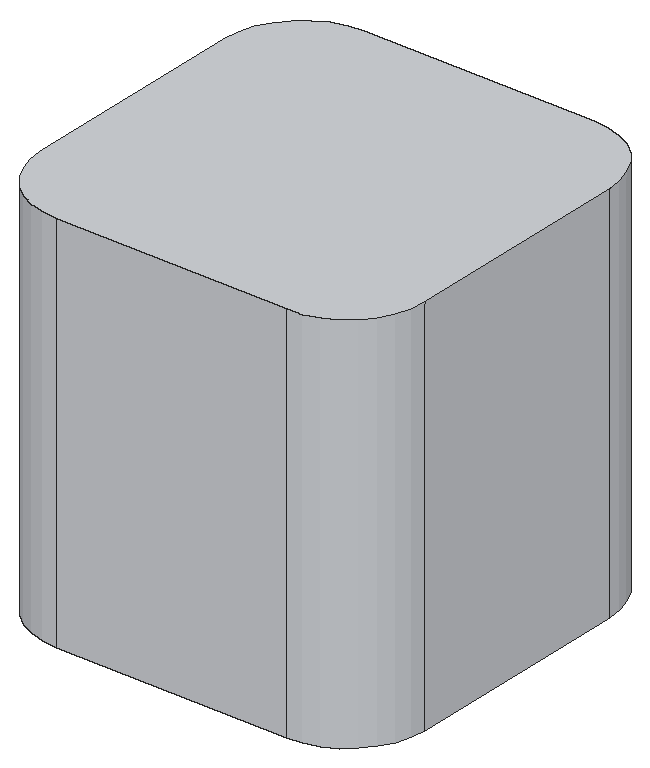
Revit family "Ёршик для унитаза", category Оборудование, Revit 2017
Family settings
  Размер круглого соединителя = Использовать диаметр
  Тип детали = Нормальный
  На основе рабочей плоскости = Нет
  Всегда вертикально = Да
  При загрузке вырезать с полостями = Нет
  Общий = Нет
  Точка расчета площади = Нет
Parameters (values of type "Тип")
  Общ_Тип, марка = ""
  Общ_Примечание КР [instance] = ""
  Общ_Примечание АР [instance] = ""
  Общ_Примечание = ""
  Общ_Поставщик = ""
  Общ_Позиция = "50"
  Общ_Наименование = "Ёршик для унитаза"
  Общ_Масса = ""
  Общ_Код продукции = ""
  Общ_Единицы измерения = "шт."
  Keynote = ""
  Model = ""
Reference planes
  plane 1 "По центру (Вперед/Назад)": y = 0
  plane 2: z = 0
  plane 3 "По центру (Влево/Вправо)": x = 0
Forms (mm)
  Extrusion 1, solid, detail levels fine
    sketch origin (0, 0, 0) x (1, 0, 0) y (0, 1, 0)
      loop
        line (-45, -75) -> (45, -75)
        arc (45, -75) -> (66.213, -66.213) -> (75, -45) r 30
        line (75, -45) -> (75, 45)
        arc (75, 45) -> (66.213, 66.213) -> (45, 75) r 30
        line (45, 75) -> (-45, 75)
        arc (-45, 75) -> (-66.213, 66.213) -> (-75, 45) r 30
        line (-75, 45) -> (-75, -45)
        arc (-75, -45) -> (-66.213, -66.213) -> (-45, -75) r 30
    from 0 to 150
Lines and regions (mm)
  symbolic lines, detail levels coarse+medium
    curve 1: line (45, 75, 0) -> (-45, 75, 0)
    curve 2: arc (-45, 75, 0) -> (-66.213, 66.213, 0) -> (-75, 45, 0) r 30
    curve 3: line (-75, 45, 0) -> (-75, -45, 0)
    curve 4: arc (-75, -45, 0) -> (-66.213, -66.213, 0) -> (-45, -75, 0) r 30
    curve 5: line (-45, -75, 0) -> (45, -75, 0)
    curve 6: arc (45, -75, 0) -> (66.213, -66.213, 0) -> (75, -45, 0) r 30
    curve 7: line (75, -45, 0) -> (75, 45, 0)
    curve 8: arc (75, 45, 0) -> (66.213, 66.213, 0) -> (45, 75, 0) r 30
    curve 9: circle (0, 0, 0) r 60 normal (0, 0, 1)
Dimensions and locks
  aligned and locked: level to plane 2
